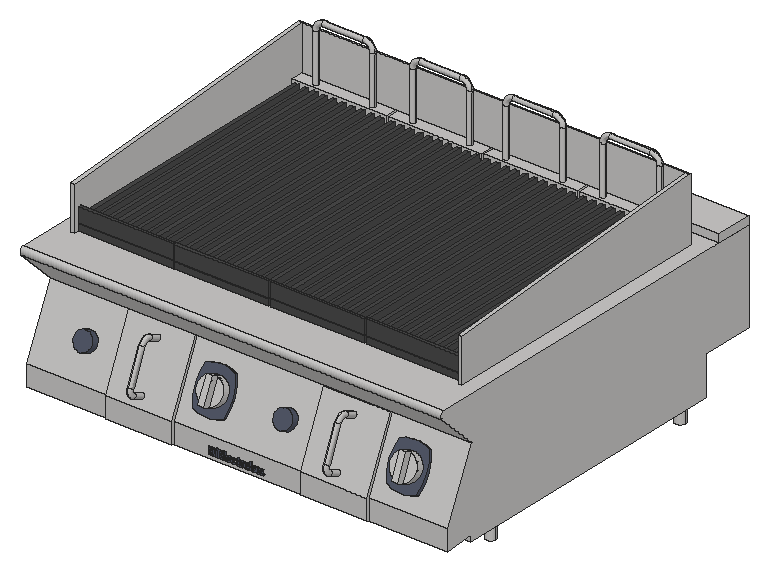
Revit family "QF_ELECTROLUXPROFESSIONAL_371440_E7JJCTAOMEI", category Attrezzature speciali, Revit 2018
Family settings
  Quota connettore circolare = Usa diametro
  Tipo di parte = Normale
  Basato su piano di lavoro = No
  Sempre verticale = Sì
  Taglio con vuoti quando caricato = No
  Condiviso = No
  Punto di calcolo locali = No
Parameters (values of type "Standard")
  Weight = 60.00 kg
  Watts = 0 W
  Volts = 0 V
  URL Manufacturer = "https://www.electroluxprofessional.com/"
  URL = "https://www.electroluxprofessional.com/"
  Steam Supply Size = 0"
  Steam Supply Minimum Pressure = 0.00 psi
  Steam Supply Maximum Pressure = 0.00 psi
  Steam Consumption per Hour = 0
  Show Logo [instance] = yes
  Show Clearance [instance] = yes
  Refrigeration Suction Line Size = 0 mm
  Refrigeration Liquid Line Size = 0 mm
  Refrigerant Compressor Remote = yes
  Phase = 0
  Modello = "E7JJCTAOMEI"
  Produttore = "Electrolux Professional"
  Length Actual = 800 mm  # constant formula
  Item Number = "371440"
  Hot Water Size = 0"
  Height Actual = 250 mm  # constant formula
  HP = "0 HP"
  Gas Size = 1/2"
  Gas KW = 14
  Gas Input Pressure = 0.469158 Btu/h
  Direct Waste Size = 0"
  Descrizione = "GAS GRILL TOP HP 800MM - QMARK"
  Depth Actual = 730 mm  # constant formula
  Cycle = 0 Hz
  Condensate Return Size = 0"
  Compressed Air Volume = 0 GPM
  Compressed Air Size = 0"
  Compressed Air Pressure = 0.00 psi
  Cold Water Size = 0"
  Base Height [instance] = 23.813 mm  # constant formula
  Assembly Code = ""
  Accessory = yes
Values of the unnamed type that differ from the named types
  Weight = 0.00 kg
  URL Manufacturer = ""
  Item Number = ""
  HP = ""
  Gas KW = 0
  Gas Input Pressure = 0.0 Btu/h
Reference planes
  plane 1 "BACK": y = 0
  plane 2: z = 0
  plane 3 "LEFT": x = 0
  plane 4 "RIGHT": x = 800.1
  plane 5 "FRONT": y = -730.25
  plane 6 "TOP": z = 288.925
  plane 7 "Center Y": x = 400.05
  plane 8 "Center X": y = -365.125
  plane 9 "BASE": z = 23.813
  plane 10 "TOP A": z = 274.638
  plane 11: y = -597.884
  plane 12: y = -147.637
  plane 13: z = 423.9
Forms (mm)
  Extrusion 1, solid, material "QF_Finishes_Stainless Steel"
    sketch origin (0, 0, 0) x (0, 1, 0) y (0, 0, 1)
      loop
        line (0, 274.638) -> (-722.836, 274.638)
        arc (-722.836, 274.638) -> (-729.637, 270.094) -> (-728.041, 262.072) r 7.361
        line (-728.041, 262.072) -> (-657.416, 191.447) -> (-713.772, 69.003) -> (-713.772, 30.903) -> (-660.4, 36.513) -> (-660.4, 23.812) -> (-101.6, 23.812) -> (-101.6, 98.425) -> (0, 98.425) -> (0, 274.638)
    from 0 to 800.1
  Extrusion 2, solid, material "QF_Finishes_Stainless Steel"
    sketch origin (0, 0, 0) x (1, 0, 0) y (0, 1, 0)
      loop
        circle (11.112, -147.638) r 9.525
      loop
        circle (11.112, -597.884) r 9.525
      loop
        circle (788.987, -147.638) r 9.525
      loop
        circle (788.987, -597.884) r 9.525
    from 0 to 23.813
  Extrusion 3, solid, material "QF_Finishes_Stainless Steel"
    sketch origin (0, -101.6, 101.6) x (0, 0, -1) y (-1, 0, 0)
      loop
        circle (43.882, -747.712) r 6.35
    from 0 to 3.175
  Extrusion 4, solid, material "QF_Finishes_Clearance", visible <- "Show Clearance", detail levels coarse
    sketch origin (0, 0, 0) x (1, 0, 0) y (0, 1, 0)
      loop
        line (0, -730.25) -> (0, 0) -> (800.1, 0) -> (800.1, -730.25) -> (950.119, -730.25) -> (950.119, 150.019) -> (-150.019, 150.019) -> (-150.019, -730.25) -> (0, -730.25)
    from 0 to 396
  Extrusion 5, solid, material "QF_Finishes_Black"
    sketch origin (0, 0, 274.638) x (0, -1, 0) y (1, 0, 0)
      loop
        line (636.964, 36.625) -> (636.964, 216.737) -> (130.285, 216.737) -> (130.285, 36.625) -> (636.964, 36.625)
      loop
        line (130.285, 398.45) -> (130.285, 219.937) -> (636.964, 219.937) -> (636.964, 398.45) -> (130.285, 398.45)
      loop
        line (636.964, 763.475) -> (130.285, 763.475) -> (130.285, 583.363) -> (636.964, 583.363) -> (636.964, 763.475)
      loop
        line (130.285, 401.65) -> (636.964, 401.65) -> (636.964, 580.162) -> (130.285, 580.162) -> (130.285, 401.65)
    from 0 to 12.7
  Extrusion 6, solid, material "QF_Finishes_Stainless Steel"
    sketch origin (0, 0, 274.638) x (0, -1, 0) y (1, 0, 0)
      loop
        line (130.285, 36.625) -> (130.285, 216.737) -> (107.795, 216.737) -> (107.795, 36.625) -> (130.285, 36.625)
      loop
        line (130.285, 219.938) -> (130.285, 398.45) -> (107.795, 398.45) -> (107.795, 219.938) -> (130.285, 219.938)
      loop
        line (130.285, 763.475) -> (107.795, 763.475) -> (107.795, 583.363) -> (130.285, 583.363) -> (130.285, 763.475)
      loop
        line (130.285, 580.162) -> (107.795, 580.162) -> (107.795, 401.65) -> (130.285, 401.65) -> (130.285, 580.162)
    from 0 to 37.056
  Extrusion 7, solid, material "QF_Finishes_Navy Blue"
    sketch origin (603.031, -727.475, 39.231) x (0, 0.418102, 0.9084) y (-1, 0, 0)
      loop
        circle (98.862, 129.601) r 17.8
    from 0 to 12.7
  Extrusion 8, solid, material "QF_Finishes_Black"
    sketch origin (52.271, -631.964, 287.338) x (-0.153405, 0, 0.988163) y (-0.988163, 0, -0.153405)
      loop
        line (-23.661, -162.764) -> (3.778, -167.024) -> (31.408, 10.957) -> (3.969, 15.217) -> (-23.661, -162.764)
      loop
        line (-51.537, -342.325) -> (-24.098, -346.585) -> (3.287, -170.186) -> (-24.152, -165.926) -> (-51.537, -342.325)
      loop
        line (-79.413, -521.887) -> (-51.973, -526.147) -> (-24.588, -349.747) -> (-52.028, -345.487) -> (-79.413, -521.887)
      loop
        line (-107.534, -703.03) -> (-80.094, -707.289) -> (-52.464, -529.309) -> (-79.904, -525.049) -> (-107.534, -703.03)
    from 0 to 5
  Sweep 9, solid, material "QF_Finishes_Stainless Steel"
    path origin (3.75, -118.772, 30.903) x (0, 0, 1) y (-1, 0, 0)
      loop
        line (280.79, -69.374) -> (372.677, -69.374)
        arc (372.677, -69.374) -> (383.453, -73.837) -> (387.917, -84.614) r 15.24
        line (387.917, -84.614) -> (387.917, -162.056)
        arc (387.917, -162.056) -> (383.453, -172.833) -> (372.677, -177.296) r 15.24
        line (372.677, -177.296) -> (280.79, -177.296)
    profile origin (73.124, -118.772, 357.637) x (-1, 0, 0) y (0, -1, 0)
      loop
        circle (0, 0) r 4.572
  Extrusion 10, solid, material "QF_Finishes_Stainless Steel"
    sketch origin (151.15, 0, 0) x (0, 1, 0) y (0, 0, 1)
      loop
        line (-657.416, 191.447) -> (-660.323, 192.784) -> (-716.972, 69.704) -> (-716.972, 30.903) -> (-713.772, 30.903) -> (-713.772, 69.003) -> (-657.416, 191.447)
    from 0 to 127
  Sweep 11, solid, material "QF_Finishes_Stainless Steel"
    path origin (213.65, 0, 0) x (0, 1, 0) y (0, 0, 1)
      loop
        line (-670.615, 170.424) -> (-691.243, 179.918)
        arc (-691.243, 179.918) -> (-700.956, 180.294) -> (-708.09, 173.692) r 12.7
        line (-708.09, 173.692) -> (-735.638, 113.839)
        arc (-735.638, 113.839) -> (-736.013, 104.126) -> (-729.411, 96.993) r 12.7
        line (-729.411, 96.993) -> (-708.782, 87.498)
    profile origin (213.65, -680.929, 175.171) x (0, -0.418102, -0.9084) y (1, 0, 0)
      loop
        circle (0, 0) r 4.572
  Sweep 12, solid, material "QF_Finishes_Stainless Steel"
    path origin (176.963, -118.772, 30.903) x (0, 0, 1) y (-1, 0, 0)
      loop
        line (280.79, -80.474) -> (372.677, -80.474)
        arc (372.677, -80.474) -> (383.453, -84.937) -> (387.917, -95.714) r 15.24
        line (387.917, -95.714) -> (387.917, -173.156)
        arc (387.917, -173.156) -> (383.453, -183.933) -> (372.677, -188.396) r 15.24
        line (372.677, -188.396) -> (280.79, -188.396)
    profile origin (257.436, -118.772, 357.637) x (-1, 0, 0) y (0, -1, 0)
      loop
        circle (0, 0) r 4.572
  Extrusion 13, solid, material "QF_Finishes_Navy Blue"
    sketch origin (653.031, -727.475, 39.231) x (0, 0.418102, 0.9084) y (-1, 0, 0)
      loop
        circle (98.862, 559.801) r 17.8
    from 0 to 12.7
  Extrusion 14, solid, material "QF_Finishes_Stainless Steel"
    sketch origin (648.95, 0, 0) x (0, 1, 0) y (0, 0, -1)
      loop
        line (-657.416, -191.447) -> (-713.772, -69.003) -> (-713.772, -30.903) -> (-716.972, -30.903) -> (-716.972, -69.704) -> (-660.323, -192.784) -> (-657.416, -191.447)
    from 0 to 127
  Sweep 15, solid, material "QF_Finishes_Stainless Steel"
    path origin (586.45, 0, 0) x (0, 1, 0) y (0, 0, -1)
      loop
        line (-670.615, -170.424) -> (-691.243, -179.918)
        arc (-691.243, -179.918) -> (-700.956, -180.294) -> (-708.09, -173.692) r 12.7
        line (-708.09, -173.692) -> (-735.638, -113.839)
        arc (-735.638, -113.839) -> (-736.013, -104.126) -> (-729.411, -96.993) r 12.7
        line (-729.411, -96.993) -> (-708.782, -87.498)
    profile origin (586.45, -680.929, 175.171) x (0, 0.418102, 0.9084) y (-1, 0, 0)
      loop
        circle (0, 0) r 4.572
  Extrusion 16, solid, material "QF_Finishes_Drawer Clearance", visible <- "Show Clearance", detail levels coarse
    sketch origin (151.15, 0, 0) x (0, 1, 0) y (0, 0, 1)
      loop
        line (-660.323, 192.784) -> (-1316.538, 192.784) -> (-1373.188, 69.704) -> (-1373.188, 30.903) -> (-716.972, 30.903) -> (-716.972, 69.704) -> (-660.323, 192.784)
    from 0 to 127
  Extrusion 17, solid, material "QF_Finishes_Drawer Clearance", visible <- "Show Clearance", detail levels coarse
    sketch origin (521.95, 0, 0) x (0, 1, 0) y (0, 0, 1)
      loop
        line (-660.323, 192.784) -> (-1316.538, 192.784) -> (-1373.188, 69.704) -> (-1373.188, 30.903) -> (-716.972, 30.903) -> (-716.972, 69.704) -> (-660.323, 192.784)
    from 0 to 127
  Extrusion 18, solid, material "QF_Finishes_Stainless Steel"
    sketch origin (35.025, -104.885, 396) x (0, -1, 0) y (0, 0, -1)
      loop
        line (0, 0) -> (540, 38.857) -> (540, 121.362) -> (0, 121.363) -> (0, 0)
    from 0 to -6.35
  Extrusion 19, solid, material "QF_Finishes_Stainless Steel"
    sketch origin (765.075, -104.885, 396) x (0, -1, 0) y (0, 0, 1)
      loop
        line (0, 0) -> (0, -121.363) -> (540, -121.362) -> (540, -38.857) -> (0, 0)
    from 0 to -6.35
  Extrusion 20, solid, material "QF_Finishes_Stainless Steel"
    sketch origin (35.025, -104.885, 274.638) x (0, 0, 1) y (1, 0, 0)
      loop
        line (0, -6.35) -> (121.363, -6.35) -> (121.363, 736.4) -> (0, 736.4) -> (0, -6.35)
    from 0 to 3.2
  Extrusion 21, solid, material "QF_Finishes_Navy Blue"
    sketch origin (-203.02, -713.772, 69.003) x (0, 0.418102, 0.9084) y (-1, 0, 0)
      loop
        arc (102.623, -510.47) -> (67.041, -502.846) -> (31.333, -509.853) r 90.5
        arc (31.333, -509.853) -> (24.507, -539.04) -> (31.333, -568.228) r 65.817
        arc (31.333, -568.228) -> (67.04, -575.188) -> (102.623, -567.615) r 91.066
        arc (102.623, -567.615) -> (109.179, -539.043) -> (102.623, -510.47) r 65.546
    from 0 to 3.175
  Extrusion 22, solid, material "QF_Finishes_Stainless Steel"
    sketch origin (175.73, -717.485, 68.529) x (0, 0.418102, 0.9084) y (-1, 0, 0)
      loop
        circle (68.826, -160.963) r 25.4
    from 0 to 12.7
  Extrusion 23, solid, material "QF_Finishes_Stainless Steel"
    sketch origin (175.73, -729.022, 73.839) x (0, 0.418102, 0.9084) y (-1, 0, 0)
      loop
        arc (93.558, -166.749) -> (94.226, -160.963) -> (93.558, -155.177) r 25.4
        line (93.558, -155.177) -> (44.094, -155.177)
        arc (44.094, -155.177) -> (43.426, -160.963) -> (44.094, -166.749) r 25.4
        line (44.094, -166.749) -> (93.558, -166.749)
    from 0 to 12.7
  Extrusion 24, solid, material "QF_Finishes_Stainless Steel"
    sketch origin (543.994, -717.485, 68.529) x (0, 0.418102, 0.9084) y (-1, 0, 0)
      loop
        circle (68.826, -160.963) r 25.4
    from 0 to 12.7
  Extrusion 25, solid, material "QF_Finishes_Stainless Steel"
    sketch origin (543.994, -729.022, 73.839) x (0, 0.418102, 0.9084) y (-1, 0, 0)
      loop
        arc (93.558, -166.749) -> (94.226, -160.963) -> (93.558, -155.177) r 25.4
        line (93.558, -155.177) -> (44.094, -155.177)
        arc (44.094, -155.177) -> (43.426, -160.963) -> (44.094, -166.749) r 25.4
        line (44.094, -166.749) -> (93.558, -166.749)
    from 0 to 12.7
  Extrusion 26, solid, material "QF_Finishes_Navy Blue", visible <- "Show Logo"
    sketch origin (58.349, -713.772, 30.903) x (0, 0, 1) y (-1, 0, 0)
      loop
        line (20.674, -296.698) -> (8.307, -296.698)
        arc (8.307, -296.698) -> (14.491, -301.27) -> (20.674, -296.698) r 6.467
      loop
        arc (20.674, -296.069) -> (19.505, -290.926) -> (14.849, -288.448) r 6.338
        line (14.849, -288.448) -> (14.849, -290.494)
        arc (14.849, -290.494) -> (16.333, -294.149) -> (19.778, -296.069) r 5.941
        line (19.778, -296.069) -> (20.674, -296.069)
      loop
        arc (9.203, -296.069) -> (12.648, -294.149) -> (14.132, -290.494) r 5.941
        line (14.132, -290.494) -> (14.132, -288.448)
        arc (14.132, -288.448) -> (9.438, -290.922) -> (8.148, -296.069) r 6.504
        line (8.148, -296.069) -> (9.203, -296.069)
      loop
        line (21.349, -287.979) -> (7.604, -287.979) -> (7.604, -301.742) -> (21.349, -301.742) -> (21.349, -287.979)
      loop
        arc (21.432, -304.71) -> (21.085, -304.352) -> (20.718, -304.69) r 0.358
        arc (20.718, -304.69) -> (20.404, -305.44) -> (19.687, -305.825) r 1.216
        line (19.687, -305.825) -> (9.274, -305.825)
        arc (9.274, -305.825) -> (8.614, -305.548) -> (8.218, -304.951) r 1.238
        arc (8.218, -304.951) -> (7.823, -304.7) -> (7.518, -305.054) r 0.358
        line (7.518, -305.054) -> (7.518, -314.933) -> (10.269, -314.933) -> (10.269, -314.036)
        arc (10.269, -314.036) -> (9.36, -313.456) -> (8.904, -312.479) r 1.928
        line (8.904, -312.479) -> (8.904, -309.98)
        arc (8.904, -309.98) -> (9.18, -309.251) -> (9.868, -308.887) r 1.101
        line (9.868, -308.887) -> (13.955, -308.887) -> (13.955, -312.561)
        arc (13.955, -312.561) -> (13.602, -313.058) -> (13.037, -313.286) r 1.083
        arc (13.037, -313.286) -> (12.773, -313.591) -> (13.065, -313.869) r 0.292
        line (13.065, -313.869) -> (16.028, -313.869)
        arc (16.028, -313.869) -> (16.33, -313.596) -> (16.092, -313.266) r 0.305
        arc (16.092, -313.266) -> (15.601, -313.018) -> (15.296, -312.561) r 1.083
        line (15.296, -312.561) -> (15.296, -308.887) -> (19.973, -308.887) -> (19.973, -312.635)
        arc (19.973, -312.635) -> (19.759, -313.39) -> (19.153, -313.888) r 1.314
        arc (19.153, -313.888) -> (18.934, -314.292) -> (19.288, -314.585) r 0.361
        line (19.288, -314.585) -> (21.432, -314.585) -> (21.432, -304.71)
      loop
        arc (20.715, -315.365) -> (20.335, -316.284) -> (19.416, -316.664) r 1.299
        line (19.416, -316.664) -> (9.837, -316.664)
        arc (9.837, -316.664) -> (8.999, -316.286) -> (8.728, -315.408) r 1.118
        line (8.728, -315.408) -> (7.518, -315.408) -> (7.518, -320.758) -> (8.706, -320.758)
        arc (8.706, -320.758) -> (8.978, -319.841) -> (9.848, -319.445) r 1.153
        line (9.848, -319.445) -> (21.92, -319.445) -> (20.715, -315.365)
      loop
        line (12.483, -323.394) -> (12.483, -329.842) -> (13.282, -329.842)
        arc (13.282, -329.842) -> (15.862, -328.857) -> (17.131, -326.404) r 3.874
        line (17.131, -326.404) -> (17.131, -324.643)
        arc (17.131, -324.643) -> (15.944, -321.778) -> (13.08, -320.592) r 4.051
        line (13.08, -320.592) -> (11.072, -320.592)
        arc (11.072, -320.592) -> (8.253, -322.077) -> (7.202, -325.084) r 4.352
        arc (7.202, -325.084) -> (7.566, -327.547) -> (8.943, -329.621) r 5.713
        line (8.943, -329.621) -> (9.892, -329.621)
        arc (9.892, -329.621) -> (9.16, -328.052) -> (8.943, -326.334) r 5.579
        arc (8.943, -326.334) -> (9.737, -324.371) -> (11.616, -323.394) r 3.057
        line (11.616, -323.394) -> (12.483, -323.394)
      loop
        line (13.742, -323.394) -> (13.742, -326.977)
        arc (13.742, -326.977) -> (15.199, -327.024) -> (16.082, -325.864) r 1.59
        line (16.082, -325.864) -> (16.082, -325.034)
        arc (16.082, -325.034) -> (15.217, -323.779) -> (13.742, -323.394) r 2.184
      loop
        arc (16.533, -339.259) -> (17.022, -337.585) -> (17.179, -335.848) r 9.023
        line (17.179, -335.848) -> (17.179, -334.486)
        arc (17.179, -334.486) -> (16.02, -331.686) -> (13.22, -330.527) r 3.959
        line (13.22, -330.527) -> (10.62, -330.527)
        arc (10.62, -330.527) -> (8.338, -331.819) -> (7.221, -334.192) r 4.331
        line (7.221, -334.192) -> (7.221, -336.327)
        arc (7.221, -336.327) -> (7.729, -337.877) -> (8.651, -339.223) r 5.772
        arc (8.651, -339.223) -> (9.412, -339.274) -> (9.499, -338.515) r 0.553
        arc (9.499, -338.515) -> (9.111, -337.781) -> (8.977, -336.962) r 2.573
        line (8.977, -336.962) -> (8.977, -335.447)
        arc (8.977, -335.447) -> (9.983, -333.806) -> (11.798, -333.163) r 2.884
        line (11.798, -333.163) -> (13.077, -333.163)
        arc (13.077, -333.163) -> (14.898, -333.723) -> (15.824, -335.388) r 2.554
        line (15.824, -335.388) -> (15.824, -336.441)
        arc (15.824, -336.441) -> (15.493, -337.369) -> (14.836, -338.104) r 2.564
        arc (14.836, -338.104) -> (14.614, -338.821) -> (15.223, -339.259) r 0.643
        line (15.223, -339.259) -> (16.533, -339.259)
      loop
        line (15.515, -339.53) -> (15.515, -341.031) -> (9.467, -341.031)
        arc (9.467, -341.031) -> (7.879, -341.688) -> (7.221, -343.276) r 2.246
        line (7.221, -343.276) -> (7.221, -344.86)
        arc (7.221, -344.86) -> (7.535, -345.725) -> (8.035, -346.496) r 4.06
        arc (8.035, -346.496) -> (8.768, -346.629) -> (9.019, -345.928) r 0.576
        arc (9.019, -345.928) -> (8.913, -345.403) -> (8.977, -344.87) r 1.69
        arc (8.977, -344.87) -> (9.519, -344.082) -> (10.425, -343.779) r 1.506
        line (10.425, -343.779) -> (15.563, -343.779) -> (15.563, -346.176) -> (16.119, -346.733) -> (16.941, -346.733) -> (16.941, -343.873) -> (20.172, -343.873) -> (15.515, -339.53)
      loop
        line (7.438, -347.63) -> (7.438, -353.017) -> (8.548, -353.017)
        arc (8.548, -353.017) -> (8.942, -352.066) -> (9.893, -351.672) r 1.345
        line (9.893, -351.672) -> (13.509, -351.672)
        arc (13.509, -351.672) -> (14.274, -352.264) -> (14.564, -353.186) r 1.615
        line (14.564, -353.186) -> (14.564, -354.742) -> (17.119, -355.427) -> (17.119, -354.044) -> (15.177, -351.485) -> (17.057, -351.485) -> (16.773, -348.779)
        arc (16.773, -348.779) -> (16.333, -348.249) -> (15.674, -348.45) r 0.621
        arc (15.674, -348.45) -> (15.274, -348.792) -> (14.78, -348.975) r 1.501
        line (14.78, -348.975) -> (9.893, -348.975)
        arc (9.893, -348.975) -> (8.942, -348.581) -> (8.548, -347.63) r 1.345
        line (8.548, -347.63) -> (7.438, -347.63)
      loop
        line (13.54, -354.964) -> (10.848, -354.964)
        arc (10.848, -354.964) -> (8.403, -356.272) -> (7.269, -358.803) r 4.288
        arc (7.269, -358.803) -> (7.205, -360.183) -> (7.269, -361.563) r 15.022
        arc (7.269, -361.563) -> (8.403, -364.094) -> (10.848, -365.401) r 4.288
        line (10.848, -365.401) -> (13.54, -365.401)
        arc (13.54, -365.401) -> (15.986, -364.094) -> (17.119, -361.563) r 4.288
        arc (17.119, -361.563) -> (17.183, -360.183) -> (17.119, -358.803) r 15.022
        arc (17.119, -358.803) -> (15.986, -356.272) -> (13.54, -354.964) r 4.288
      loop
        line (13.745, -358.078) -> (10.643, -358.078)
        arc (10.643, -358.078) -> (8.486, -360.235) -> (10.643, -362.392) r 2.157
        line (10.643, -362.392) -> (13.745, -362.392)
        arc (13.745, -362.392) -> (15.902, -360.235) -> (13.745, -358.078) r 2.157
      loop
        arc (20.726, -365.26) -> (20.355, -366.154) -> (19.461, -366.524) r 1.264
        line (19.461, -366.524) -> (9.597, -366.524)
        arc (9.597, -366.524) -> (8.727, -366.127) -> (8.455, -365.211) r 1.153
        line (8.455, -365.211) -> (7.518, -365.211) -> (7.518, -370.319) -> (8.446, -370.319)
        arc (8.446, -370.319) -> (8.805, -369.547) -> (9.597, -369.232) r 1.153
        line (9.597, -369.232) -> (21.92, -369.232) -> (20.726, -365.26)
      loop
        arc (15.846, -369.857) -> (15.647, -370.921) -> (14.678, -371.403) r 1.215
        line (14.678, -371.403) -> (9.658, -371.403)
        arc (9.658, -371.403) -> (8.043, -372.051) -> (7.322, -373.634) r 2.338
        line (7.322, -373.634) -> (7.322, -375.148)
        arc (7.322, -375.148) -> (7.497, -376.152) -> (7.999, -377.038) r 2.979
        line (7.999, -377.038) -> (7.518, -378.835) -> (7.518, -380.524) -> (16.943, -380.524) -> (16.649, -376.32) -> (15.863, -376.32)
        arc (15.863, -376.32) -> (15.507, -377.156) -> (14.755, -377.665) r 1.605
        line (14.755, -377.665) -> (9.652, -377.665)
        arc (9.652, -377.665) -> (9.232, -376.728) -> (9.159, -375.704) r 2.94
        arc (9.159, -375.704) -> (9.72, -374.603) -> (10.873, -374.16) r 1.724
        line (10.873, -374.16) -> (17.07, -374.16) -> (15.846, -369.857)
      loop
        line (16.874, -381.377) -> (15.202, -383.423) -> (12.028, -385.729) -> (8.572, -382.617)
        arc (8.572, -382.617) -> (8.335, -382.223) -> (8.357, -381.764) r 0.789
        line (8.357, -381.764) -> (7.518, -381.764) -> (7.518, -385.309) -> (8.344, -385.309)
        arc (8.344, -385.309) -> (8.686, -384.947) -> (9.176, -385.039) r 0.52
        line (9.176, -385.039) -> (10.976, -386.51) -> (8.858, -387.886)
        arc (8.858, -387.886) -> (8.457, -387.576) -> (8.37, -387.076) r 0.7
        line (8.37, -387.076) -> (7.518, -387.076) -> (7.518, -393.003) -> (8.405, -393.003)
        arc (8.405, -393.003) -> (8.472, -392.344) -> (8.866, -391.813) r 1.247
        line (8.866, -391.813) -> (13.066, -388.532) -> (15.513, -390.585) -> (16.874, -392.327) -> (16.874, -388.604) -> (15.389, -389.026) -> (13.868, -387.749) -> (15.568, -386.559) -> (16.874, -387.336) -> (16.874, -381.377)
    from 0 to 1.644
  Extrusion 27, solid, material "QF_Finishes_Navy Blue"
    sketch origin (165.244, -713.772, 69.003) x (0, 0.418102, 0.9084) y (-1, 0, 0)
      loop
        arc (102.623, -510.47) -> (67.041, -502.846) -> (31.333, -509.853) r 90.5
        arc (31.333, -509.853) -> (24.507, -539.04) -> (31.333, -568.228) r 65.817
        arc (31.333, -568.228) -> (67.04, -575.188) -> (102.623, -567.615) r 91.066
        arc (102.623, -567.615) -> (109.179, -539.043) -> (102.623, -510.47) r 65.546
    from 0 to 3.175
  Sweep 28, solid, material "QF_Finishes_Stainless Steel"
    path origin (796.35, -118.772, 30.903) x (0, 0, 1) y (-1, 0, 0)
      loop
        line (280.79, 69.374) -> (372.677, 69.374)
        arc (372.677, 69.374) -> (383.453, 73.837) -> (387.917, 84.614) r 15.24
        line (387.917, 84.614) -> (387.917, 162.056)
        arc (387.917, 162.056) -> (383.453, 172.833) -> (372.677, 177.296) r 15.24
        line (372.677, 177.296) -> (280.79, 177.296)
    profile origin (726.976, -118.772, 357.637) x (-1, 0, 0) y (0, -1, 0)
      loop
        circle (0, 0) r 4.572
  Sweep 29, solid, material "QF_Finishes_Stainless Steel"
    path origin (623.137, -118.772, 30.903) x (0, 0, 1) y (-1, 0, 0)
      loop
        line (280.79, 80.474) -> (372.677, 80.474)
        arc (372.677, 80.474) -> (383.453, 84.937) -> (387.917, 95.714) r 15.24
        line (387.917, 95.714) -> (387.917, 173.156)
        arc (387.917, 173.156) -> (383.453, 183.933) -> (372.677, 188.396) r 15.24
        line (372.677, 188.396) -> (280.79, 188.396)
    profile origin (542.664, -118.772, 357.637) x (-1, 0, 0) y (0, -1, 0)
      loop
        circle (0, 0) r 4.572
  Extrusion 30, solid, material "QF_Finishes_Stainless Steel"
    sketch origin (0, 0, 274.638) x (0, -1, 0) y (1, 0, 0)
      loop
        line (0, 800.1) -> (0, 0) -> (69.85, 0) -> (69.85, 800.1) -> (0, 800.1)
    from 0 to 14.3
Cuts and joins
  joined: Extrusion 18, Extrusion 19, Extrusion 20
Lines and regions (mm)
  Split face 1
    outline origin (-203.02, -716.656, 70.33) x (0, 0.418102, 0.9084) y (-1, 0, 0)
      loop
        arc (67.041, -503.158) -> (48.669, -506.69) -> (35.363, -519.842) r 32.191
        line (35.363, -519.842) -> (45.047, -525.087)
        arc (45.047, -525.087) -> (54.648, -516.737) -> (67.041, -513.859) r 26.351
        line (67.041, -513.859) -> (67.041, -503.158)
  Split face 2
    outline origin (-203.02, -716.656, 70.33) x (0, 0.418102, 0.9084) y (-1, 0, 0)
      loop
        line (44.251, -526.293) -> (34.615, -521.075)
        arc (34.615, -521.075) -> (41.047, -560.592) -> (81.049, -562.261) r 31.684
        arc (81.049, -562.261) -> (48.21, -559.05) -> (44.251, -526.293) r 26.351
  Split face 3
    outline origin (165.244, -716.656, 70.33) x (0, 0.418102, 0.9084) y (-1, 0, 0)
      loop
        arc (67.041, -503.158) -> (48.669, -506.69) -> (35.363, -519.842) r 32.191
        line (35.363, -519.842) -> (45.047, -525.087)
        arc (45.047, -525.087) -> (54.648, -516.737) -> (67.041, -513.859) r 26.351
        line (67.041, -513.859) -> (67.041, -503.158)
  Split face 4
    outline origin (165.244, -716.656, 70.33) x (0, 0.418102, 0.9084) y (-1, 0, 0)
      loop
        line (44.251, -526.293) -> (34.615, -521.075)
        arc (34.615, -521.075) -> (41.047, -560.592) -> (81.049, -562.261) r 31.684
        arc (81.049, -562.261) -> (48.21, -559.05) -> (44.251, -526.293) r 26.351
  symbolic lines, style "QF-Clearances", visible <- "Show Clearance", detail levels coarse
    curve 1: line (950.119, 150.019, 274.638) -> (-150.019, 150.019, 274.638)
    curve 2: line (950.119, -730.25, 274.638) -> (950.119, 150.019, 274.638)
    curve 3: line (-150.019, 150.019, 274.638) -> (-150.019, -730.25, 274.638)
    curve 4: line (692.244, 150.019, 274.638) -> (-150.019, 150.019, 274.638)
  symbolic lines
    curve 5: line (0, -730.25, 274.638) -> (0, 0, 274.638)
    curve 6: line (800.1, 0, 274.638) -> (800.1, -730.25, 274.638)
    curve 7: line (35.025, -104.885, 274.638) -> (35.025, -644.885, 274.638)
    curve 8: line (28.675, -644.885, 274.638) -> (35.025, -644.885, 274.638)
    curve 9: line (765.075, -644.885, 274.638) -> (765.075, -104.885, 274.638)
    curve 10: line (765.075, -104.885, 274.638) -> (35.025, -104.885, 274.638)
    curve 11: line (0, -69.85, 274.638) -> (800.1, -69.85, 274.638)
    curve 12: line (28.675, -98.535, 274.638) -> (28.675, -644.885, 274.638)
    curve 13: line (28.675, -98.535, 274.638) -> (771.425, -98.535, 274.638)
    curve 14: line (771.425, -98.535, 274.638) -> (771.425, -644.885, 274.638)
    curve 15: line (765.075, -644.885, 274.638) -> (771.425, -644.885, 274.638)
    curve 16: line (800.1, -730.25, 274.638) -> (0, -730.25, 274.638)
    curve 17: line (36.625, -107.795, 274.638) -> (216.737, -107.795, 274.638)
    curve 18: line (36.625, -636.964, 274.638) -> (36.625, -107.795, 274.638)
    curve 19: line (216.737, -130.285, 274.638) -> (36.625, -130.285, 274.638)
    curve 20: line (216.737, -107.795, 274.638) -> (216.737, -636.964, 274.638)
    curve 24: line (219.938, -107.795, 274.638) -> (398.45, -107.795, 274.638)
    curve 25: line (219.938, -636.964, 274.638) -> (219.938, -107.795, 274.638)
    curve 26: line (398.45, -130.285, 274.638) -> (219.938, -130.285, 274.638)
    curve 27: line (398.45, -107.795, 274.638) -> (398.45, -636.964, 274.638)
    curve 28: line (401.65, -107.795, 274.638) -> (580.162, -107.795, 274.638)
    curve 29: line (401.65, -636.964, 274.638) -> (401.65, -107.795, 274.638)
    curve 30: line (580.162, -130.285, 274.638) -> (401.65, -130.285, 274.638)
    curve 31: line (580.162, -107.795, 274.638) -> (580.162, -636.964, 274.638)
    curve 32: line (583.363, -107.795, 274.638) -> (763.475, -107.795, 274.638)
    curve 33: line (583.363, -636.964, 274.638) -> (583.363, -107.795, 274.638)
    curve 34: line (763.475, -130.285, 274.638) -> (583.363, -130.285, 274.638)
    curve 35: line (763.475, -107.795, 274.638) -> (763.475, -636.964, 274.638)
    curve 39: line (72.974, -114.2, 274.638) -> (180.896, -114.2, 274.638)
    curve 40: line (180.896, -123.344, 274.638) -> (72.974, -123.344, 274.638)
    curve 41: arc (72.974, -114.2, 274.638) -> (68.402, -118.772, 274.638) -> (72.974, -123.344, 274.638) r 4.572
    curve 42: arc (180.896, -114.2, 274.638) -> (185.468, -118.772, 274.638) -> (180.896, -123.344, 274.638) r 4.572
    curve 43: line (257.436, -114.2, 274.638) -> (365.359, -114.2, 274.638)
    curve 44: line (365.359, -123.344, 274.638) -> (257.436, -123.344, 274.638)
    curve 45: arc (257.436, -114.2, 274.638) -> (252.864, -118.772, 274.638) -> (257.436, -123.344, 274.638) r 4.572
    curve 46: arc (365.359, -114.2, 274.638) -> (369.931, -118.772, 274.638) -> (365.359, -123.344, 274.638) r 4.572
    curve 47: line (583.363, -636.964, 274.638) -> (763.475, -636.964, 274.638)
    curve 48: line (401.65, -636.964, 274.638) -> (580.162, -636.964, 274.638)
    curve 49: line (219.938, -636.964, 274.638) -> (398.45, -636.964, 274.638)
    curve 50: line (36.625, -636.964, 274.638) -> (216.737, -636.964, 274.638)
    curve 51: line (727.126, -114.2, 274.638) -> (619.204, -114.2, 274.638)
    curve 52: line (619.204, -123.344, 274.638) -> (727.126, -123.344, 274.638)
    curve 53: arc (727.126, -114.2, 274.638) -> (731.698, -118.772, 274.638) -> (727.126, -123.344, 274.638) r 4.572
    curve 54: arc (619.204, -114.2, 274.638) -> (614.632, -118.772, 274.638) -> (619.204, -123.344, 274.638) r 4.572
    curve 55: line (542.664, -114.2, 274.638) -> (434.741, -114.2, 274.638)
    curve 56: line (434.741, -123.344, 274.638) -> (542.664, -123.344, 274.638)
    curve 57: arc (542.664, -114.2, 274.638) -> (547.236, -118.772, 274.638) -> (542.664, -123.344, 274.638) r 4.572
    curve 58: arc (434.741, -114.2, 274.638) -> (430.169, -118.772, 274.638) -> (434.741, -123.344, 274.638) r 4.572
    curve 59: line (0, 0, 274.638) -> (800.1, 0, 274.638)
    curve 60: line (0, -69.85, 274.638) -> (800.1, -69.85, 274.638)
    curve 61: line (0, 0, 274.638) -> (800.1, 0, 274.638)
    curve 62: line (216.737, -631.964, 0) -> (36.625, -631.964, 0)
    curve 63: line (219.938, -631.964, 274.638) -> (398.45, -631.964, 274.638)
    curve 64: line (583.363, -631.964, 274.638) -> (763.475, -631.964, 274.638)
    curve 65: line (401.65, -631.964, 274.638) -> (580.162, -631.964, 274.638)
  symbolic lines, style "QF_Drawer Clearance"
    curve 21: line (151.15, -730.25, 274.638) -> (151.15, -1373.188, 274.638)
    curve 22: line (151.15, -1373.188, 274.638) -> (278.15, -1373.188, 274.638)
    curve 23: line (278.15, -1373.188, 274.638) -> (278.15, -730.25, 274.638)
    curve 36: line (521.95, -730.25, 274.638) -> (521.95, -1373.188, 274.638)
    curve 37: line (521.95, -1373.188, 274.638) -> (648.95, -1373.188, 274.638)
    curve 38: line (648.95, -1373.188, 274.638) -> (648.95, -730.25, 274.638)
Dimensions and locks
  equal spacing: plane 3 "LEFT", plane 7 "Center Y", plane 4 "RIGHT"
  plane 3 "LEFT" to plane 4 "RIGHT" = 800.1 mm
  equal spacing: plane 5 "FRONT", plane 8 "Center X", plane 1 "BACK"
  plane 5 "FRONT" to plane 1 "BACK" = 730.25 mm
  plane 1 "BACK" to plane 5 "FRONT" = 730.25 mm
  "Base Height": plane 9 "BASE" to level
  locked: plane 10 "TOP A" to plane 9 "BASE" at 250.825
  plane 10 "TOP A" to plane 9 "BASE" = 250.825 mm
  plane 9 "BASE" to level = 23.813 mm
  plane 4 "RIGHT" to Extrusion 3 sketch curve = 52.388 mm
  equal spacing: group 1, group 3, group 4, group 5, group 6, group 7, group 8, group 9, group 10, group 2  (x3)
  plane 13 to level = 423.9 mm
  aligned and locked: level to plane 2
  aligned and locked: plane 4 "RIGHT" to Extrusion 1
Automatic sketch dimensions
  Extrusion 1 sketch curve to plane 10 "TOP A" = 0 mm
  Extrusion 1 sketch curve to plane 9 "BASE" = 0 mm
  Extrusion 1 sketch curve to plane 1 "BACK" = 0 mm
  Extrusion 1 sketch curve to plane 12 = 46.038 mm
  plane 11 to Extrusion 1 sketch curve = 59.531 mm
  plane 9 "BASE" to Extrusion 1 sketch curve = 12.7 mm
  plane 11 to Extrusion 1 sketch curve = 62.516 mm
  Extrusion 1 sketch curve to plane 5 "FRONT" = 16.478 mm
  Extrusion 1 sketch curve to plane 5 "FRONT" = 7.414 mm
  Extrusion 1 sketch curve to plane 5 "FRONT" = 2.209 mm
  plane 9 "BASE" to Extrusion 1 sketch curve = 7.09 mm
  Extrusion 1 sketch curve to Extrusion 1 sketch curve = 38.1 mm
  plane 9 "BASE" to Extrusion 1 sketch curve = 74.612 mm
  Extrusion 1 sketch curve to plane 10 "TOP A" = 83.191 mm
  Extrusion 1 sketch curve to plane 10 "TOP A" = 12.566 mm
  nested 1 to Extrusion 8 sketch curve = 703.03 mm
  Extrusion 8 sketch curve to nested 1 = 1.587 mm
  nested 1 to Extrusion 8 sketch curve = 525.049 mm
  Extrusion 8 sketch curve to Extrusion 8 sketch curve = 27.63 mm  (x2)
  nested 1 to Extrusion 8 sketch curve = 521.887 mm
  Extrusion 8 sketch curve to Extrusion 8 sketch curve = 0.491 mm  (x3)
  nested 1 to Extrusion 8 sketch curve = 707.289 mm
  nested 1 to Extrusion 8 sketch curve = 345.487 mm
  Extrusion 8 sketch curve to Extrusion 8 sketch curve = 27.385 mm  (x2)
  nested 1 to Extrusion 8 sketch curve = 342.325 mm
  nested 1 to Extrusion 8 sketch curve = 526.147 mm
  nested 1 to Extrusion 8 sketch curve = 165.926 mm
  nested 1 to Extrusion 8 sketch curve = 162.764 mm
  nested 1 to Extrusion 8 sketch curve = 346.585 mm
  Extrusion 8 sketch curve to nested 1 = 15.217 mm
  nested 1 to Extrusion 8 sketch curve = 167.024 mm
  plane 6 "TOP" to Sweep 9 sketch curve = 22.768 mm  (x2)
  plane 13 to Sweep 9 sketch curve = 20.32 mm  (x2)
  plane 13 to Sweep 9 sketch curve = 5.08 mm
  plane 3 "LEFT" to Sweep 9 sketch curve = 181.046 mm
  Sweep 9 sketch curve to Sweep 9 sketch curve = 77.443 mm
  Sweep 9 sketch curve to profile plane = 0 mm
  profile plane to Sweep 9 sketch curve = 0 mm
  Extrusion 10 sketch curve to plane 5 "FRONT" = 13.278 mm
  Extrusion 10 sketch curve to Extrusion 10 sketch curve = 3.2 mm
  plane 11 to Extrusion 10 sketch curve = 62.438 mm
  Extrusion 10 sketch curve to Extrusion 10 sketch curve = 2.907 mm
  plane 9 "BASE" to Extrusion 10 sketch curve = 7.09 mm
  Extrusion 10 sketch curve to Extrusion 10 sketch curve = 38.1 mm
  Extrusion 10 sketch curve to Extrusion 10 sketch curve = 0.701 mm
  plane 5 "FRONT" to Sweep 11 sketch curve = 5.388 mm
  Sweep 11 sketch curve to plane 5 "FRONT" = 0.839 mm
  Sweep 11 sketch curve to plane 5 "FRONT" = 6.149 mm
  Sweep 11 sketch curve to plane 5 "FRONT" = 21.468 mm
  Sweep 11 sketch curve to plane 5 "FRONT" = 22.16 mm
  Sweep 11 sketch curve to Sweep 11 sketch curve = 11.537 mm  (x2)
  Sweep 11 sketch curve to Sweep 11 sketch curve = 5.31 mm  (x2)
  Sweep 11 sketch curve to Sweep 11 sketch curve = 20.629 mm
  plane 9 "BASE" to Sweep 11 sketch curve = 63.686 mm
  Sweep 11 sketch curve to Sweep 11 sketch curve = 9.495 mm
  Sweep 11 sketch curve to Sweep 11 sketch curve = 59.852 mm
  Sweep 11 sketch curve to Sweep 11 sketch curve = 2.042 mm
  Sweep 11 sketch curve to profile plane = 0 mm  (x2)
  plane 6 "TOP" to Sweep 12 sketch curve = 22.768 mm  (x2)
  plane 13 to Sweep 12 sketch curve = 20.32 mm  (x2)
  plane 13 to Sweep 12 sketch curve = 5.08 mm
  Sweep 12 sketch curve to plane 7 "Center Y" = 34.691 mm
  Sweep 12 sketch curve to Sweep 12 sketch curve = 77.443 mm
  Sweep 12 sketch curve to profile plane = 0 mm
  profile plane to Sweep 12 sketch curve = 0 mm
  Extrusion 14 sketch curve to plane 5 "FRONT" = 13.278 mm
  Extrusion 14 sketch curve to Extrusion 14 sketch curve = 3.2 mm
  plane 11 to Extrusion 14 sketch curve = 62.438 mm
  Extrusion 14 sketch curve to Extrusion 14 sketch curve = 2.907 mm
  Extrusion 14 sketch curve to plane 10 "TOP A" = 81.853 mm
  Extrusion 14 sketch curve to Extrusion 14 sketch curve = 1.338 mm
  plane 9 "BASE" to Extrusion 14 sketch curve = 7.09 mm
  plane 5 "FRONT" to Sweep 15 sketch curve = 5.388 mm
  Sweep 15 sketch curve to plane 5 "FRONT" = 0.839 mm
  Sweep 15 sketch curve to plane 5 "FRONT" = 6.149 mm
  Sweep 15 sketch curve to plane 5 "FRONT" = 21.468 mm
  Sweep 15 sketch curve to plane 5 "FRONT" = 22.16 mm
  Sweep 15 sketch curve to Sweep 15 sketch curve = 11.537 mm
  Sweep 15 sketch curve to Sweep 15 sketch curve = 5.31 mm  (x2)
  Sweep 15 sketch curve to Sweep 15 sketch curve = 20.629 mm
  Sweep 15 sketch curve to plane 10 "TOP A" = 94.719 mm
  Sweep 15 sketch curve to Sweep 15 sketch curve = 6.227 mm
  Sweep 15 sketch curve to Sweep 15 sketch curve = 9.495 mm  (x2)
  Sweep 15 sketch curve to Sweep 15 sketch curve = 59.852 mm
  profile plane to Sweep 15 sketch curve = 0 mm
  Sweep 15 sketch curve to profile plane = 0 mm
  plane 9 "BASE" to Extrusion 16 sketch curve = 45.891 mm
  plane 5 "FRONT" to Extrusion 16 sketch curve = 642.938 mm
  Extrusion 16 sketch curve to Extrusion 16 sketch curve = 56.649 mm
  Extrusion 16 sketch curve to plane 5 "FRONT" = 13.278 mm
  plane 11 to Extrusion 16 sketch curve = 62.438 mm
  plane 9 "BASE" to Extrusion 16 sketch curve = 7.09 mm
  Extrusion 16 sketch curve to Extrusion 16 sketch curve = 38.801 mm
  Extrusion 16 sketch curve to plane 10 "TOP A" = 81.853 mm
  plane 9 "BASE" to Extrusion 17 sketch curve = 45.891 mm
  plane 5 "FRONT" to Extrusion 17 sketch curve = 642.938 mm
  Extrusion 17 sketch curve to Extrusion 17 sketch curve = 56.649 mm
  Extrusion 17 sketch curve to plane 5 "FRONT" = 13.278 mm
  plane 11 to Extrusion 17 sketch curve = 62.438 mm
  plane 9 "BASE" to Extrusion 17 sketch curve = 7.09 mm
  Extrusion 17 sketch curve to Extrusion 17 sketch curve = 38.801 mm
  Extrusion 17 sketch curve to plane 10 "TOP A" = 81.853 mm
  Extrusion 18 sketch curve to plane 10 "TOP A" = 0 mm
  Extrusion 18 sketch curve to plane 12 = 42.753 mm
  plane 11 to Extrusion 18 sketch curve = 47 mm
  plane 13 to Extrusion 18 sketch curve = 66.757 mm
  plane 13 to Extrusion 18 sketch curve = 27.9 mm
  Extrusion 19 sketch curve to plane 10 "TOP A" = 0 mm
  Extrusion 19 sketch curve to plane 12 = 42.753 mm
  plane 11 to Extrusion 19 sketch curve = 47 mm
  plane 13 to Extrusion 19 sketch curve = 66.757 mm
  plane 13 to Extrusion 19 sketch curve = 27.9 mm
  Extrusion 20 sketch curve to Extrusion 18 = 0 mm  (x3)
  Extrusion 20 sketch curve to Extrusion 18 = 736.4 mm
  Extrusion 21 sketch curve to plane 7 "Center Y" = 93.217 mm
  Extrusion 21 sketch curve to plane 7 "Center Y" = 34.842 mm
  Extrusion 21 sketch curve to Extrusion 21 sketch curve = 0 mm
  Extrusion 21 sketch curve to Extrusion 21 sketch curve = 12.3 mm  (x3)
  Extrusion 21 sketch curve to plane 7 "Center Y" = 9.728 mm
  Extrusion 21 sketch curve to Extrusion 21 sketch curve = 34.925 mm  (x2)
  Extrusion 21 sketch curve to Extrusion 21 sketch curve = 46.691 mm
  Extrusion 21 sketch curve to Extrusion 21 sketch curve = 28.575 mm
  Extrusion 23 sketch curve to Extrusion 23 sketch curve = 24.732 mm
  Extrusion 23 sketch curve to Extrusion 23 sketch curve = 0 mm
  plane 9 "BASE" to Extrusion 26 sketch curve = 9.251 mm
  plane 9 "BASE" to Extrusion 26 sketch curve = 14.292 mm
  plane 7 "Center Y" to Extrusion 26 sketch curve = 3.159 mm
  plane 9 "BASE" to Extrusion 26 sketch curve = 14.311 mm
  Extrusion 26 sketch curve to Extrusion 26 sketch curve = 0 mm  (x28)
  Extrusion 26 sketch curve to Extrusion 26 sketch curve = 5.108 mm  (x2)
  Extrusion 26 sketch curve to Extrusion 26 sketch curve = 0.054 mm
  Extrusion 26 sketch curve to Extrusion 26 sketch curve = 0.218 mm
  Extrusion 26 sketch curve to Extrusion 26 sketch curve = 0.195 mm
  Extrusion 26 sketch curve to Extrusion 26 sketch curve = 0.249 mm
  plane 9 "BASE" to Extrusion 26 sketch curve = 14.608 mm
  Extrusion 26 sketch curve to Extrusion 26 sketch curve = 0.087 mm
  Extrusion 26 sketch curve to Extrusion 26 sketch curve = 0.358 mm
  Extrusion 26 sketch curve to Extrusion 26 sketch curve = 0.481 mm
  Extrusion 26 sketch curve to Extrusion 26 sketch curve = 0.597 mm
  Extrusion 26 sketch curve to Extrusion 26 sketch curve = 0.544 mm
  Extrusion 26 sketch curve to Extrusion 26 sketch curve = 0.936 mm
  Extrusion 26 sketch curve to Extrusion 26 sketch curve = 0.594 mm
  Extrusion 26 sketch curve to Extrusion 26 sketch curve = 0.343 mm
  Extrusion 26 sketch curve to Extrusion 26 sketch curve = 0.159 mm
  Extrusion 26 sketch curve to Extrusion 26 sketch curve = 0.826 mm
  Extrusion 26 sketch curve to Extrusion 26 sketch curve = 0.839 mm
  Extrusion 26 sketch curve to Extrusion 26 sketch curve = 0.852 mm
  Extrusion 26 sketch curve to Extrusion 26 sketch curve = 0.887 mm
  Extrusion 26 sketch curve to Extrusion 26 sketch curve = 0.928 mm
  Extrusion 26 sketch curve to Extrusion 26 sketch curve = 0.938 mm
  Extrusion 26 sketch curve to Extrusion 26 sketch curve = 0.444 mm
  Extrusion 26 sketch curve to Extrusion 26 sketch curve = 1.11 mm  (x3)
  Extrusion 26 sketch curve to Extrusion 26 sketch curve = 0.215 mm
  Extrusion 26 sketch curve to Extrusion 26 sketch curve = 1.43 mm
  Extrusion 26 sketch curve to Extrusion 26 sketch curve = 1.188 mm
  Extrusion 26 sketch curve to Extrusion 26 sketch curve = 1.21 mm  (x2)
  Extrusion 26 sketch curve to Extrusion 26 sketch curve = 0.503 mm
  Extrusion 26 sketch curve to Extrusion 26 sketch curve = 0.488 mm
  Extrusion 26 sketch curve to Extrusion 26 sketch curve = 0.462 mm
  Extrusion 26 sketch curve to Extrusion 26 sketch curve = 1.386 mm
  Extrusion 26 sketch curve to Extrusion 26 sketch curve = 1.742 mm  (x2)
  Extrusion 26 sketch curve to Extrusion 26 sketch curve = 0.821 mm
  Extrusion 26 sketch curve to Extrusion 26 sketch curve = 0.497 mm
  Extrusion 26 sketch curve to Extrusion 26 sketch curve = 0.539 mm
  Extrusion 26 sketch curve to Extrusion 26 sketch curve = 0.686 mm
  Extrusion 26 sketch curve to Extrusion 26 sketch curve = 0.408 mm
  Extrusion 26 sketch curve to Extrusion 26 sketch curve = 0.743 mm
  Extrusion 26 sketch curve to Extrusion 26 sketch curve = 1.16 mm
  Extrusion 26 sketch curve to Extrusion 26 sketch curve = 0.329 mm
  Extrusion 26 sketch curve to Extrusion 26 sketch curve = 1.054 mm
  Extrusion 26 sketch curve to Extrusion 26 sketch curve = 1.056 mm
  Extrusion 26 sketch curve to Extrusion 26 sketch curve = 0.129 mm
  Extrusion 26 sketch curve to Extrusion 26 sketch curve = 0.489 mm
  Extrusion 26 sketch curve to Extrusion 26 sketch curve = 0.441 mm
  Extrusion 26 sketch curve to Extrusion 26 sketch curve = 1.151 mm
  Extrusion 26 sketch curve to Extrusion 26 sketch curve = 1.141 mm  (x2)
  Extrusion 26 sketch curve to Extrusion 26 sketch curve = 0.768 mm
  Extrusion 26 sketch curve to Extrusion 26 sketch curve = 1.653 mm
  Extrusion 26 sketch curve to Extrusion 26 sketch curve = 0.499 mm
  Extrusion 26 sketch curve to Extrusion 26 sketch curve = 0.964 mm
  Extrusion 26 sketch curve to Extrusion 26 sketch curve = 0.949 mm
  Extrusion 26 sketch curve to Extrusion 26 sketch curve = 1.345 mm  (x2)
  Extrusion 26 sketch curve to Extrusion 26 sketch curve = 1.101 mm
  Extrusion 26 sketch curve to Extrusion 26 sketch curve = 0.432 mm
  Extrusion 26 sketch curve to Extrusion 26 sketch curve = 1.142 mm
  Extrusion 26 sketch curve to Extrusion 26 sketch curve = 0.959 mm
  Extrusion 26 sketch curve to Extrusion 26 sketch curve = 0.176 mm
  Extrusion 26 sketch curve to Extrusion 26 sketch curve = 0.728 mm
  Extrusion 26 sketch curve to Extrusion 26 sketch curve = 3.375 mm  (x2)
  Extrusion 26 sketch curve to Extrusion 26 sketch curve = 0.541 mm
  Extrusion 26 sketch curve to Extrusion 26 sketch curve = 0.955 mm
  Extrusion 26 sketch curve to Extrusion 26 sketch curve = 1.251 mm
  Extrusion 26 sketch curve to Extrusion 26 sketch curve = 0.572 mm
  Extrusion 26 sketch curve to Extrusion 26 sketch curve = 1.92 mm
  Extrusion 26 sketch curve to Extrusion 26 sketch curve = 1.224 mm
  Extrusion 26 sketch curve to Extrusion 26 sketch curve = 0.745 mm
  Extrusion 26 sketch curve to Extrusion 26 sketch curve = 2.537 mm
  Extrusion 26 sketch curve to Extrusion 26 sketch curve = 0.896 mm  (x3)
  Extrusion 26 sketch curve to Extrusion 26 sketch curve = 0.036 mm
  Extrusion 26 sketch curve to Extrusion 26 sketch curve = 2.607 mm
  Extrusion 26 sketch curve to Extrusion 26 sketch curve = 0.066 mm
  Extrusion 26 sketch curve to Extrusion 26 sketch curve = 0.248 mm
  Extrusion 26 sketch curve to Extrusion 26 sketch curve = 0.449 mm
  Extrusion 26 sketch curve to Extrusion 26 sketch curve = 1.052 mm
  Extrusion 26 sketch curve to Extrusion 26 sketch curve = 1.863 mm
  Extrusion 26 sketch curve to Extrusion 26 sketch curve = 1.31 mm  (x2)
  Extrusion 26 sketch curve to Extrusion 26 sketch curve = 0.901 mm
  Extrusion 26 sketch curve to Extrusion 26 sketch curve = 1.107 mm
  Extrusion 26 sketch curve to Extrusion 26 sketch curve = 2.122 mm
  Extrusion 26 sketch curve to Extrusion 26 sketch curve = 2.101 mm
  Extrusion 26 sketch curve to Extrusion 26 sketch curve = 0.106 mm
  Extrusion 26 sketch curve to Extrusion 26 sketch curve = 0.029 mm
  Extrusion 26 sketch curve to Extrusion 26 sketch curve = 2.09 mm
  Extrusion 26 sketch curve to Extrusion 26 sketch curve = 1.279 mm
  Extrusion 26 sketch curve to Extrusion 26 sketch curve = 2.008 mm
  Extrusion 26 sketch curve to Extrusion 26 sketch curve = 0.738 mm
  Extrusion 26 sketch curve to Extrusion 26 sketch curve = 0.382 mm
  Extrusion 26 sketch curve to Extrusion 26 sketch curve = 0.384 mm
  Extrusion 26 sketch curve to Extrusion 26 sketch curve = 0.002 mm
  Extrusion 26 sketch curve to Extrusion 26 sketch curve = 0.561 mm
  Extrusion 26 sketch curve to Extrusion 26 sketch curve = 0.592 mm
  Extrusion 26 sketch curve to Extrusion 26 sketch curve = 2.692 mm
  Extrusion 26 sketch curve to Extrusion 26 sketch curve = 1.259 mm
  Extrusion 26 sketch curve to Extrusion 26 sketch curve = 0.802 mm
  Extrusion 26 sketch curve to Extrusion 26 sketch curve = 1.024 mm
  Extrusion 26 sketch curve to Extrusion 26 sketch curve = 0.682 mm
  Extrusion 26 sketch curve to Extrusion 26 sketch curve = 5.934 mm
  Extrusion 26 sketch curve to Extrusion 26 sketch curve = 2.186 mm
  Extrusion 26 sketch curve to Extrusion 26 sketch curve = 0.337 mm
  Extrusion 26 sketch curve to Extrusion 26 sketch curve = 0.021 mm
  Extrusion 26 sketch curve to Extrusion 26 sketch curve = 1.005 mm
  Extrusion 26 sketch curve to Extrusion 26 sketch curve = 0.552 mm
  Extrusion 26 sketch curve to Extrusion 26 sketch curve = 0.778 mm
  Extrusion 26 sketch curve to Extrusion 26 sketch curve = 0.063 mm
  Extrusion 26 sketch curve to Extrusion 26 sketch curve = 1.023 mm
  Extrusion 26 sketch curve to Extrusion 26 sketch curve = 3.804 mm
  Extrusion 26 sketch curve to Extrusion 26 sketch curve = 0.486 mm
  Extrusion 26 sketch curve to Extrusion 26 sketch curve = 0.266 mm  (x2)
  Extrusion 26 sketch curve to Extrusion 26 sketch curve = 1.547 mm
  Extrusion 26 sketch curve to Extrusion 26 sketch curve = 0.717 mm  (x2)
  Extrusion 26 sketch curve to Extrusion 26 sketch curve = 1.667 mm
  Extrusion 26 sketch curve to Extrusion 26 sketch curve = 3.174 mm
  Extrusion 26 sketch curve to Extrusion 26 sketch curve = 0.388 mm
  Extrusion 26 sketch curve to Extrusion 26 sketch curve = 1.342 mm
  Extrusion 26 sketch curve to Extrusion 26 sketch curve = 1.521 mm
  Extrusion 26 sketch curve to Extrusion 26 sketch curve = 0.124 mm
  Extrusion 26 sketch curve to Extrusion 26 sketch curve = 0.291 mm
  plane 7 "Center Y" to Extrusion 26 sketch curve = 4.475 mm
  Extrusion 26 sketch curve to Extrusion 26 sketch curve = 1.049 mm  (x2)
  Extrusion 26 sketch curve to Extrusion 26 sketch curve = 1.7 mm
  Extrusion 26 sketch curve to Extrusion 26 sketch curve = 0.894 mm
  Extrusion 26 sketch curve to Extrusion 26 sketch curve = 0.989 mm
  Extrusion 26 sketch curve to Extrusion 26 sketch curve = 1.168 mm
  Extrusion 26 sketch curve to Extrusion 26 sketch curve = 1.594 mm
  Extrusion 26 sketch curve to Extrusion 26 sketch curve = 0.731 mm
  Extrusion 26 sketch curve to Extrusion 26 sketch curve = 1.566 mm
  Extrusion 26 sketch curve to Extrusion 26 sketch curve = 0.064 mm
  plane 7 "Center Y" to Extrusion 26 sketch curve = 5.031 mm
  Extrusion 26 sketch curve to Extrusion 26 sketch curve = 0.556 mm  (x2)
  Extrusion 26 sketch curve to Extrusion 26 sketch curve = 0.48 mm
  Extrusion 26 sketch curve to Extrusion 26 sketch curve = 0.228 mm
  Extrusion 26 sketch curve to Extrusion 26 sketch curve = 1.018 mm
  Extrusion 26 sketch curve to Extrusion 26 sketch curve = 0.787 mm
  Extrusion 26 sketch curve to Extrusion 26 sketch curve = 0.618 mm
  Extrusion 26 sketch curve to Extrusion 26 sketch curve = 1.672 mm
  Extrusion 26 sketch curve to Extrusion 26 sketch curve = 1.361 mm
  Extrusion 26 sketch curve to Extrusion 26 sketch curve = 0.822 mm
  Extrusion 26 sketch curve to Extrusion 26 sketch curve = 0.069 mm
  Extrusion 26 sketch curve to Extrusion 26 sketch curve = 1.88 mm
  Extrusion 26 sketch curve to Extrusion 26 sketch curve = 0.42 mm
  Extrusion 26 sketch curve to Extrusion 26 sketch curve = 0.062 mm
  Extrusion 26 sketch curve to Extrusion 26 sketch curve = 1.355 mm
  Extrusion 26 sketch curve to Extrusion 26 sketch curve = 2.34 mm
  Extrusion 26 sketch curve to Extrusion 26 sketch curve = 0.493 mm
  Extrusion 26 sketch curve to Extrusion 26 sketch curve = 0.136 mm
  Extrusion 26 sketch curve to Extrusion 26 sketch curve = 0.128 mm
  Extrusion 26 sketch curve to Extrusion 26 sketch curve = 3.616 mm
  Extrusion 26 sketch curve to Extrusion 26 sketch curve = 4.207 mm
  Extrusion 26 sketch curve to Extrusion 26 sketch curve = 0.183 mm
  Extrusion 26 sketch curve to Extrusion 26 sketch curve = 0.895 mm
  Extrusion 26 sketch curve to Extrusion 26 sketch curve = 1.314 mm
  Extrusion 26 sketch curve to Extrusion 26 sketch curve = 3.231 mm
  Extrusion 26 sketch curve to Extrusion 26 sketch curve = 1.299 mm
  Extrusion 26 sketch curve to Extrusion 26 sketch curve = 1.214 mm
  Extrusion 26 sketch curve to Extrusion 26 sketch curve = 1.264 mm
  Extrusion 26 sketch curve to Extrusion 26 sketch curve = 0.109 mm
  Extrusion 26 sketch curve to Extrusion 26 sketch curve = 0.357 mm
  Extrusion 26 sketch curve to Extrusion 26 sketch curve = 0.565 mm
  Extrusion 26 sketch curve to Extrusion 26 sketch curve = 2.504 mm
  Extrusion 26 sketch curve to Extrusion 26 sketch curve = 2.459 mm
  Extrusion 26 sketch curve to Extrusion 26 sketch curve = 1.322 mm
  Extrusion 26 sketch curve to Extrusion 26 sketch curve = 2.77 mm
  Extrusion 26 sketch curve to Extrusion 26 sketch curve = 2.51 mm
  Extrusion 26 sketch curve to Extrusion 26 sketch curve = 0.187 mm
  Extrusion 26 sketch curve to Extrusion 26 sketch curve = 2.559 mm
  Extrusion 26 sketch curve to Extrusion 26 sketch curve = 1.556 mm
  Extrusion 26 sketch curve to Extrusion 26 sketch curve = 0.222 mm
  Extrusion 26 sketch curve to Extrusion 26 sketch curve = 1.383 mm
  Extrusion 26 sketch curve to Extrusion 26 sketch curve = 3.114 mm
  Extrusion 26 sketch curve to Extrusion 26 sketch curve = 3.376 mm
  Extrusion 26 sketch curve to Extrusion 26 sketch curve = 0.934 mm
  Extrusion 26 sketch curve to Extrusion 26 sketch curve = 0.191 mm
  Extrusion 26 sketch curve to Extrusion 26 sketch curve = 3.696 mm
  Extrusion 26 sketch curve to Extrusion 26 sketch curve = 2.708 mm
  Extrusion 26 sketch curve to Extrusion 26 sketch curve = 3.333 mm
  Extrusion 26 sketch curve to Extrusion 26 sketch curve = 0.332 mm
  Extrusion 26 sketch curve to Extrusion 26 sketch curve = 1.087 mm
  Extrusion 26 sketch curve to Extrusion 26 sketch curve = 2.23 mm
  Extrusion 26 sketch curve to Extrusion 26 sketch curve = 2.757 mm
  Extrusion 26 sketch curve to Extrusion 26 sketch curve = 0.987 mm
  Extrusion 26 sketch curve to Extrusion 26 sketch curve = 1.529 mm
  Extrusion 26 sketch curve to Extrusion 26 sketch curve = 1.796 mm
  Extrusion 26 sketch curve to Extrusion 26 sketch curve = 2.859 mm
  Extrusion 26 sketch curve to Extrusion 26 sketch curve = 0.853 mm
  Extrusion 26 sketch curve to Extrusion 26 sketch curve = 1.241 mm
  Extrusion 26 sketch curve to Extrusion 26 sketch curve = 2.046 mm  (x2)
  Extrusion 26 sketch curve to Extrusion 26 sketch curve = 2.422 mm
  Extrusion 26 sketch curve to Extrusion 26 sketch curve = 0.27 mm  (x2)
  Extrusion 26 sketch curve to Extrusion 26 sketch curve = 0.69 mm
  Extrusion 26 sketch curve to Extrusion 26 sketch curve = 0.781 mm  (x2)
  Extrusion 26 sketch curve to Extrusion 26 sketch curve = 3.136 mm
  Extrusion 26 sketch curve to Extrusion 26 sketch curve = 1.767 mm
  Extrusion 26 sketch curve to Extrusion 26 sketch curve = 0.138 mm
  Extrusion 26 sketch curve to Extrusion 26 sketch curve = 0.777 mm
  Extrusion 26 sketch curve to Extrusion 26 sketch curve = 1.19 mm
  Extrusion 26 sketch curve to Extrusion 26 sketch curve = 0.782 mm
  Extrusion 26 sketch curve to Extrusion 26 sketch curve = 1.268 mm
  Extrusion 26 sketch curve to Extrusion 26 sketch curve = 0.422 mm  (x2)
  Extrusion 26 sketch curve to Extrusion 26 sketch curve = 1.559 mm
  Extrusion 26 sketch curve to Extrusion 26 sketch curve = 3.927 mm
  Extrusion 26 sketch curve to Extrusion 26 sketch curve = 0.983 mm
  Extrusion 26 sketch curve to Extrusion 26 sketch curve = 1.134 mm
  Extrusion 26 sketch curve to Extrusion 26 sketch curve = 0.094 mm
  plane 7 "Center Y" to Extrusion 26 sketch curve = 1.575 mm
  Extrusion 26 sketch curve to Extrusion 26 sketch curve = 1.501 mm
  Extrusion 26 sketch curve to Extrusion 26 sketch curve = 1.808 mm
  Extrusion 26 sketch curve to Extrusion 26 sketch curve = 0.643 mm
  Extrusion 26 sketch curve to Extrusion 26 sketch curve = 0.916 mm
  Extrusion 26 sketch curve to Extrusion 26 sketch curve = 0.352 mm
  Extrusion 26 sketch curve to Extrusion 26 sketch curve = 0.458 mm
  Extrusion 26 sketch curve to Extrusion 26 sketch curve = 1.282 mm
  Extrusion 26 sketch curve to Extrusion 26 sketch curve = 1.363 mm
  Extrusion 26 sketch curve to Extrusion 26 sketch curve = 0.685 mm
  Extrusion 26 sketch curve to Extrusion 26 sketch curve = 0.905 mm
  Extrusion 26 sketch curve to Extrusion 26 sketch curve = 2.865 mm
  Extrusion 26 sketch curve to Extrusion 26 sketch curve = 0.472 mm
  Extrusion 26 sketch curve to Extrusion 26 sketch curve = 0.101 mm
  Extrusion 26 sketch curve to Extrusion 26 sketch curve = 0.54 mm
  Extrusion 26 sketch curve to Extrusion 26 sketch curve = 0.02 mm
  Extrusion 26 sketch curve to Extrusion 26 sketch curve = 0.468 mm
  Extrusion 26 sketch curve to Extrusion 26 sketch curve = 0.829 mm
  Extrusion 26 sketch curve to Extrusion 26 sketch curve = 0.582 mm
  Extrusion 26 sketch curve to Extrusion 26 sketch curve = 0.166 mm
  Extrusion 26 sketch curve to Extrusion 26 sketch curve = 0.16 mm
  Extrusion 26 sketch curve to Extrusion 26 sketch curve = 2.781 mm
  Extrusion 26 sketch curve to Extrusion 26 sketch curve = 1.118 mm
  Extrusion 26 sketch curve to Extrusion 26 sketch curve = 0.613 mm
  Extrusion 26 sketch curve to Extrusion 26 sketch curve = 0.361 mm
  Extrusion 26 sketch curve to Extrusion 26 sketch curve = 0.897 mm
  Extrusion 26 sketch curve to Extrusion 26 sketch curve = 0.167 mm
  Extrusion 26 sketch curve to Extrusion 26 sketch curve = 0.292 mm
  Extrusion 26 sketch curve to Extrusion 26 sketch curve = 0.305 mm
  Extrusion 26 sketch curve to Extrusion 26 sketch curve = 1.557 mm
  Extrusion 26 sketch curve to Extrusion 26 sketch curve = 2.499 mm
  Extrusion 26 sketch curve to Extrusion 26 sketch curve = 3.062 mm
  Extrusion 26 sketch curve to Extrusion 26 sketch curve = 2.968 mm
  Extrusion 26 sketch curve to Extrusion 26 sketch curve = 5.044 mm
  Extrusion 26 sketch curve to Extrusion 26 sketch curve = 0.629 mm  (x2)
  Extrusion 26 sketch curve to Extrusion 26 sketch curve = 1.131 mm
  Extrusion 26 sketch curve to Extrusion 26 sketch curve = 0.137 mm
  Extrusion 26 sketch curve to Extrusion 26 sketch curve = 0.027 mm
  Extrusion 26 sketch curve to Extrusion 26 sketch curve = 2.235 mm
  Split face 1 sketch curve to Split face 1 sketch curve = 9.684 mm
  Split face 1 sketch curve to Split face 1 sketch curve = 18.622 mm
  Split face 1 sketch curve to Split face 1 sketch curve = 2.959 mm
  Split face 1 sketch curve to Split face 1 sketch curve = 21.994 mm
  Split face 1 sketch curve to Split face 1 sketch curve = 5.035 mm
  Split face 1 sketch curve to Split face 1 sketch curve = 10.085 mm
  Split face 1 sketch curve to Split face 1 sketch curve = 5.244 mm
  Split face 2 sketch curve to Split face 2 sketch curve = 9.635 mm
  Split face 2 sketch curve to Split face 2 sketch curve = 17.821 mm
  Split face 2 sketch curve to Split face 2 sketch curve = 4.557 mm
  Split face 2 sketch curve to Split face 2 sketch curve = 14.42 mm
  Split face 2 sketch curve to Split face 2 sketch curve = 22.055 mm
  Split face 2 sketch curve to Split face 2 sketch curve = 3.318 mm
  Split face 3 sketch curve to Split face 3 sketch curve = 9.684 mm
